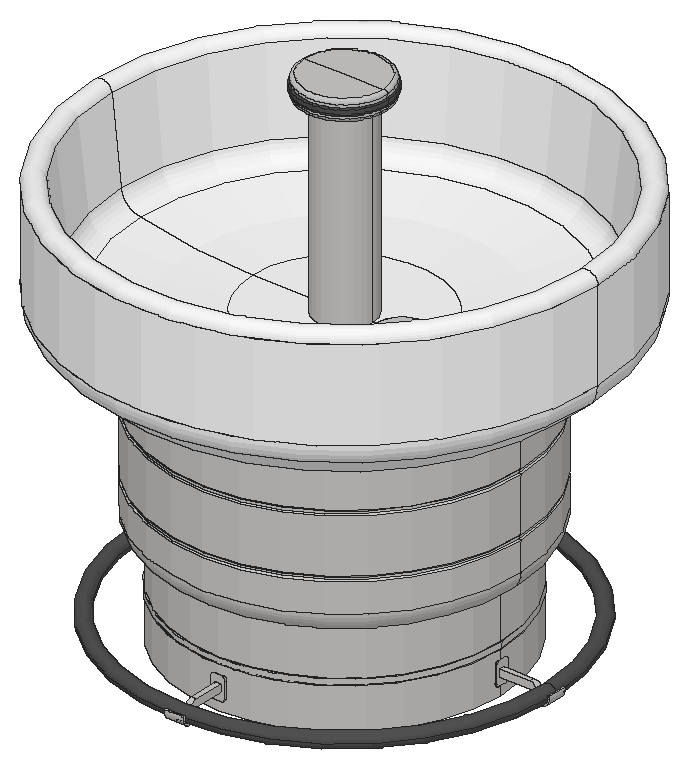
Revit family "Washfountain_Lavatory-Bradley_Corp-WF2605-Type_O_Drain", category Plumbing Fixtures, Revit 2012 (continued)
Lines and regions (in)
  reference lines
    curve 94: line (5.5, 3.25, 49.5) -> (-5.5, 3.25, 49.5)
    curve 95: line (-27, 0, 49.5) -> (-19, 0, 49.5)
    curve 128: line (-27, -27, 49.5) -> (-21, -27, 49.5)
    curve 129: line (-27, 27, 49.5) -> (-21, 27, 49.5)
    curve 140: line (0, 0, 49.5) -> (0, -3.5, 49.5)
    curve 156: line (0, 1.5, 39.125) -> (0, -1.75, 39.125)
    curve 157: line (-1.5, 0, 39.125) -> (1.5, 0, 39.125)
    curve 223: line (0, -10.91222, 49.5) -> (0, -15.41222, 49.5)
  symbolic lines, visible <- "Juvenile Height", detail levels fine
    curve 4: line (12.52869, 0, 15.79552) -> (-12.52869, 0, 15.79552)
    curve 5: line (12.4415, 0, 15.70832) -> (-12.4415, 0, 15.70832)
    curve 6: line (12.4415, 0, 15.58502) -> (-12.4415, 0, 15.58502)
    curve 7: line (12.52869, 0, 15.49783) -> (-12.52869, 0, 15.49783)
    curve 8: line (12.52869, 0, 12.49088) -> (-12.52869, 0, 12.49088)
    curve 9: line (12.4415, 0, 12.40369) -> (-12.4415, 0, 12.40369)
    curve 10: line (12.4415, 0, 12.28038) -> (-12.4415, 0, 12.28038)
    curve 11: line (12.52869, 0, 12.19319) -> (-12.52869, 0, 12.19319)
    curve 13: line (11.12583, 0, 6.953) -> (0.48842, 0, 6.953)
    curve 45: line (0, 12.52869, 11.59252) -> (0, -12.52869, 11.59252)
    curve 46: line (0, -12.4415, 11.50532) -> (0, 12.4415, 11.50532)
    curve 47: line (0, 12.4415, 11.38202) -> (0, -12.4415, 11.38202)
    curve 48: line (0, -12.52869, 11.29483) -> (0, 12.52869, 11.29483)
    curve 49: line (0, 12.52869, 8.28788) -> (0, -12.52869, 8.28788)
    curve 50: line (0, -12.4415, 8.20069) -> (0, 12.4415, 8.20069)
    curve 51: line (0, 12.4415, 8.07738) -> (0, -12.4415, 8.07738)
    curve 52: line (0, -12.52869, 7.99019) -> (0, 12.52869, 7.99019)
    curve 200: line (-11.12583, 0, 3.453) -> (11.12583, 0, 3.453)
    curve 201: line (11.16155, 0, 3.40649) -> (-11.16155, 0, 3.40649)
    curve 202: line (11.16155, 0, 2.99964) -> (-11.16155, 0, 2.99964)
    curve 203: line (-11.12583, 0, 2.953) -> (11.12583, 0, 2.953)
    curve 206: line (0, -11.12583, 3.45264) -> (0, 11.12583, 3.45264)
    curve 207: line (0, 11.16155, 3.40613) -> (0, -11.16155, 3.40613)
    curve 208: line (0, -11.16155, 2.99916) -> (0, 11.16155, 2.99916)
    curve 209: line (0, 11.12583, 2.95264) -> (0, -11.12586, 2.95264)
  symbolic lines, visible <- "Juvenile Height"
    curve 12: line (11.12583, 0, 9.39985) -> (-11.12583, 0, 9.39985)
    curve 53: line (0, 11.12583, 5.19685) -> (0, -11.12583, 5.19685)
  symbolic lines, visible <- "Standard Height", detail levels fine
    curve 15: line (12.52869, 0, 14.89269) -> (-12.52869, 0, 14.89269)
    curve 16: line (12.41821, 0, 14.78221) -> (-12.41821, 0, 14.78221)
    curve 17: line (12.41821, 0, 14.62596) -> (-12.41821, 0, 14.62596)
    curve 18: line (12.52869, 0, 14.51547) -> (-12.52869, 0, 14.51547)
    curve 19: line (12.52869, 0, 10.70519) -> (-12.52869, 0, 10.70519)
    curve 20: line (12.41821, 0, 10.59471) -> (-12.41821, 0, 10.59471)
    curve 21: line (12.41821, 0, 10.43846) -> (-12.41821, 0, 10.43846)
    curve 22: line (12.52869, 0, 10.32797) -> (-12.52869, 0, 10.32797)
    curve 24: line (11.12583, 0, 3.45312) -> (-11.12583, 0, 3.45312)
    curve 25: line (11.16155, 0, 3.40661) -> (-11.16155, 0, 3.40661)
    curve 26: line (11.16155, 0, 2.99964) -> (-11.16155, 0, 2.99964)
    curve 27: line (11.12583, 0, 2.95312) -> (-11.12583, 0, 2.95312)
    curve 29: line (0, 11.12583, 2.95312) -> (0, -11.12583, 2.95312)
    curve 30: line (0, -11.16155, 2.99964) -> (0, 11.16155, 2.99964)
    curve 31: line (0, 11.16155, 3.40661) -> (0, -11.16155, 3.40661)
    curve 32: line (0, -11.12583, 3.45312) -> (0, 11.12583, 3.45312)
    curve 34: line (0, -12.52869, 10.32797) -> (0, 12.52869, 10.32797)
    curve 35: line (0, 12.41821, 10.43846) -> (0, -12.41821, 10.43846)
    curve 36: line (0, -12.41821, 10.59471) -> (0, 12.41821, 10.59471)
    curve 37: line (0, 12.52869, 10.70519) -> (0, -12.52869, 10.70519)
    curve 38: line (0, -12.52869, 14.51547) -> (0, 12.52869, 14.51547)
    curve 39: line (0, 12.41821, 14.62596) -> (0, -12.41821, 14.62596)
    curve 40: line (0, -12.41821, 14.78221) -> (0, 12.41821, 14.78221)
    curve 41: line (0, 12.52869, 14.89269) -> (0, -12.52869, 14.89269)
  symbolic lines, visible <- "Standard Height"
    curve 23: line (11.12583, 0, 6.77084) -> (-11.12583, 0, 6.77084)
    curve 33: line (0, 11.12583, 6.77084) -> (0, -11.12583, 6.77084)
  symbolic lines, visible <- "Standard Height", detail levels medium
    curve 42: line (0, 12.41821, 14.70408) -> (0, -12.41821, 14.70408)
    curve 43: line (0, -12.41821, 10.51658) -> (0, 12.41821, 10.51658)
    curve 44: line (0, 11.16155, 3.20312) -> (0, -11.16155, 3.20312)
    curve 58: line (-12.41821, 0, 14.70394) -> (12.41855, 0, 14.70394)
    curve 59: line (12.41855, 0, 10.51644) -> (-12.41821, 0, 10.51644)
    curve 60: line (-11.16155, 0, 3.20312) -> (11.16155, 0, 3.20312)
  symbolic lines, visible <- "Juvenile Height", detail levels medium
    curve 54: line (0, 12.4415, 8.13904) -> (0, -12.4415, 8.13904)
    curve 55: line (0, -12.4415, 11.44367) -> (0, 12.4415, 11.44367)
    curve 56: line (-12.4415, 0, 12.34204) -> (12.4415, 0, 12.34204)
    curve 57: line (12.4415, 0, 15.64667) -> (-12.4415, 0, 15.64667)
    curve 204: line (-11.16155, 0, 3.20306) -> (11.16155, 0, 3.20306)
    curve 210: line (0, -11.16155, 3.20264) -> (0, 11.16155, 3.20264)
  symbolic lines, visible <- "Soap Dispenser", detail levels fine
    curve 62: line (-5.81, 0, 38.73265) -> (5.81, 0, 38.73265)
    curve 63: line (5.87777, 0, 39.98265) -> (-5.87777, 0, 39.98265)
    curve 64: line (-5.93039, 0, 41.23265) -> (5.93039, 0, 41.23265)
    curve 65: line (5.98301, 0, 42.48265) -> (-5.98301, 0, 42.48265)
    curve 67: line (6.13971, 0, 43.74971) -> (-6.13971, 0, 43.74971)
    curve 69: line (0, 5.80997, 38.73265) -> (0, -5.80997, 38.73265)
    curve 70: line (0, -5.87775, 39.98265) -> (0, 5.87775, 39.98265)
    curve 71: line (0, 5.93037, 41.23265) -> (0, -5.93037, 41.23265)
    curve 72: line (0, -5.98298, 42.48265) -> (0, 5.98298, 42.48265)
    curve 74: line (0, -6.13969, 43.74971) -> (0, 6.13969, 43.74971)
  symbolic lines, visible <- "Soap Dispenser", detail levels medium+fine
    curve 66: line (-6.13971, 0, 43.12453) -> (6.13971, 0, 43.12453)
    curve 73: line (0, 6.13969, 43.12453) -> (0, -6.13969, 43.12453)
    curve 170: circle (0, 0, 44.125) r 4.13984 normal (0, 0, 1)
  symbolic lines, detail levels medium
    curve 75: line (-3.12875, 0, 35.17952) -> (-3.035, 0, 35.17952)
    curve 77: line (3.035, 0, 35.17952) -> (3.12875, 0, 35.17952)
    curve 78: line (3.12875, 0, 34.67952) -> (3.035, 0, 34.67952)
    curve 80: line (-3.035, 0, 34.67952) -> (-3.12875, 0, 34.67952)
    curve 84: line (0, 3.12875, 35.17952) -> (0, 3.035, 35.17952)
    curve 86: line (0, -3.035, 35.17952) -> (0, -3.12875, 35.17952)
    curve 87: line (0, -3.12875, 34.67952) -> (0, -3.035, 34.67952)
    curve 89: line (0, 3.035, 34.67952) -> (0, 3.12875, 34.67952)
  symbolic lines, detail levels medium+fine
    curve 76: line (-3.035, 0, 35.17952) -> (3.035, 0, 35.17952)
    curve 79: line (3.035, 0, 34.67952) -> (-3.035, 0, 34.67952)
    curve 85: line (0, 3.035, 35.17952) -> (0, -3.035, 35.17952)
    curve 88: line (0, -3.035, 34.67952) -> (0, 3.035, 34.67952)
    curve 171: circle (0, 0, 35.625) r 2.785 normal (0, 0, 1)
    curve 172: circle (0, 0, 35.625) r 3.035 normal (0, 0, 1)
    curve 174: circle (0, 0, 29.25) r 14 normal (0, 0, 1)
    curve 213: circle (4, 0, 29.25) r 1.25 normal (0, 0, 1)
    curve 214: circle (4, 0, 29.25) r 0.1842 normal (0, 0, 1)
    curve 215: circle (4, 0.87771, 29.25) r 0.1842 normal (0, 0, 1)
    curve 216: circle (4.62063, 0.62063, 29.25) r 0.1842 normal (0, 0, 1)
    curve 217: circle (4.87771, 0, 29.25) r 0.1842 normal (0, 0, 1)
    curve 218: circle (4.62063, -0.62063, 29.25) r 0.1842 normal (0, 0, 1)
    curve 219: circle (4, -0.87771, 29.25) r 0.1842 normal (0, 0, 1)
    curve 220: circle (3.37937, -0.62063, 29.25) r 0.1842 normal (0, 0, 1)
    curve 221: circle (3.12229, 0, 29.25) r 0.1842 normal (0, 0, 1)
    curve 222: circle (3.37937, 0.62063, 29.25) r 0.1842 normal (0, 0, 1)
  symbolic lines
    curve 81: line (-2, 0, 34.23452) -> (2, 0, 34.23452)
    curve 90: line (0, 2, 34.23452) -> (0, -2, 34.23452)
    curve 173: circle (0, 0, 29.25) r 16 normal (0, 0, 1)
    curve 212: circle (4, 0, 29.25) r 1.75 normal (0, 0, 1)
  symbolic lines, visible <- "Soap Dispenser"
    curve 82: line (-2.095, 0, 38.125) -> (2.095, 0, 38.125)
    curve 91: line (0, 2.095, 38.125) -> (0, -2.095, 38.125)
  symbolic lines, visible <- "Towel Dispenser"
    curve 96: line (-0.06458, -27, 64.81283) -> (-0.06458, -27, 49.5)
    curve 97: line (0.06458, -27, 64.81283) -> (0.06458, -27, 49.5)
    curve 98: line (-9.02868, -27, 64.12533) -> (-3.52868, -27, 64.12533)
    curve 99: line (-0.06458, -27, 64.81283) -> (-3.52868, -27, 64.12533)
    curve 100: line (3.52868, -27, 64.12533) -> (0.06458, -27, 64.81283)
    curve 101: line (3.52868, -27, 64.12533) -> (9.02868, -27, 64.12533)
    curve 102: line (3.52868, -27, 50.875) -> (3.52868, -27, 64.12533)
    curve 103: line (-3.52868, -27, 64.12533) -> (-3.52868, -27, 50.875)
    curve 104: line (-3.52868, -27, 50.875) -> (-9.02868, -27, 50.875)
    curve 105: line (9.02868, -27, 50.875) -> (3.52868, -27, 50.875)
    curve 106: line (-3.52868, -27, 50.875) -> (-1.58013, -27, 49.5)
    curve 107: line (1.58013, -27, 49.5) -> (3.52868, -27, 50.875)
    curve 108: line (-2, -27, 49.5) -> (2, -27, 49.5)
    curve 109: line (-2, -27, 64.81283) -> (2, -27, 64.81283)
    curve 130: line (-5.56458, 27, 64.83333) -> (-5.56458, 27, 49.5)
    curve 131: line (5.56458, 27, 49.5) -> (5.56458, 27, 64.81283)
    curve 132: line (5.56458, 27, 64.12533) -> (-5.56458, 27, 64.12533)
    curve 133: line (-5.56458, 27, 50.875) -> (5.56458, 27, 50.875)
    curve 143: line (0, 2.26314, 49.5) -> (0, 1.13814, 50.875)
    curve 144: line (0, -8.38814, 50.875) -> (0, 1.13814, 50.875)
    curve 145: line (0, 1.13814, 50.875) -> (0, 1.13814, 64.12533)
    curve 146: line (0, 1.13814, 64.12533) -> (0, -8.38814, 64.12533)
    curve 147: line (0, 1.13814, 64.12533) -> (0, 3.13814, 64.81283)
    curve 148: line (0, 3.13814, 64.81283) -> (0, 3.13814, 49.5)
    curve 149: line (0, 3.25, 49.5) -> (0, 3.25, 64.81283)
    curve 154: line (0, 2, 64.81283) -> (0, -2, 64.81283)
    curve 155: line (0, 2, 49.5) -> (0, -2, 49.5)
    curve 164: line (-0.06458, -6.38814, 49.5) -> (-5.56458, 3.13814, 49.5)
    curve 165: line (-5.5, 3.25, 49.5) -> (5.5, 3.25, 49.5)
    curve 166: line (5.56458, 3.13814, 49.5) -> (0.06458, -6.38814, 49.5)
  model lines, visible <- "Towel Dispenser", detail levels fine
    curve 110: spline (3.52868, -8.38814, 50.875) -> (3.62239, -8.22584, 53.91612) -> (3.89711, -7.75, 56.75) -> (4.33414, -6.99305, 59.1835) -> (4.90368, -6.00657, 61.0508) -> (5.56693, -4.85779, 62.22463) -> (6.27868, -3.625, 62.625) -> (6.99044, -2.39221, 62.22463) -> (7.65368, -1.24343, 61.0508) -> (8.22323, -0.25695, 59.1835) -> (8.66025, 0.5, 56.75) -> (8.93498, 0.97584, 53.91612) -> (9.02868, 1.13814, 50.875)
    curve 111: spline (4.5072, -6.6933, 53.47656) -> (4.52666, -6.65959, 53.51064) -> (4.5448, -6.62818, 53.61054) -> (4.56037, -6.60121, 53.76946) -> (4.57232, -6.58051, 53.97656) -> (4.57983, -6.5675, 54.21774) -> (4.5824, -6.56306, 54.47656) -> (4.57983, -6.5675, 54.73538) -> (4.57232, -6.58051, 54.97656) -> (4.56037, -6.60121, 55.18367) -> (4.5448, -6.62818, 55.34259) -> (4.52666, -6.65959, 55.44249) -> (4.5072, -6.6933, 55.47656) -> (4.48774, -6.72701, 55.44249) -> (4.4696, -6.75842, 55.34259) -> (4.45403, -6.7854, 55.18367) -> (4.44208, -6.80609, 54.97656) -> (4.43457, -6.81911, 54.73538) -> (4.432, -6.82354, 54.47656) -> (4.43457, -6.81911, 54.21774) -> (4.44208, -6.80609, 53.97656) -> (4.45403, -6.7854, 53.76946) -> (4.4696, -6.75842, 53.61054) -> (4.48774, -6.72701, 53.51064) -> (4.5072, -6.6933, 53.47656)
    curve 112: spline (5.5, 7.25, 50.875) -> (5.31259, 7.25, 53.91612) -> (4.76314, 7.25, 56.75) -> (3.88909, 7.25, 59.1835) -> (2.75, 7.25, 61.0508) -> (1.4235, 7.25, 62.22463) -> (0, 7.25, 62.625) -> (-1.4235, 7.25, 62.22463) -> (-2.75, 7.25, 61.0508) -> (-3.88909, 7.25, 59.1835) -> (-4.76314, 7.25, 56.75) -> (-5.31259, 7.25, 53.91612) -> (-5.5, 7.25, 50.875)
    curve 113: spline (3.54297, 7.25, 53.47656) -> (3.50354, 7.25, 53.51064) -> (3.4668, 7.25, 53.61054) -> (3.43525, 7.25, 53.76946) -> (3.41104, 7.25, 53.97656) -> (3.39582, 7.25, 54.21774) -> (3.39062, 7.25, 54.47656) -> (3.39582, 7.25, 54.73538) -> (3.41104, 7.25, 54.97656) -> (3.43525, 7.25, 55.18367) -> (3.4668, 7.25, 55.34259) -> (3.50354, 7.25, 55.44249) -> (3.54297, 7.25, 55.47656) -> (3.5824, 7.25, 55.44249) -> (3.61914, 7.25, 55.34259) -> (3.65069, 7.25, 55.18367) -> (3.6749, 7.25, 54.97656) -> (3.69012, 7.25, 54.73538) -> (3.69531, 7.25, 54.47656) -> (3.69012, 7.25, 54.21774) -> (3.6749, 7.25, 53.97656) -> (3.65069, 7.25, 53.76946) -> (3.61914, 7.25, 53.61054) -> (3.5824, 7.25, 53.51064) -> (3.54297, 7.25, 53.47656)
    curve 114: spline (-9.02868, 1.13814, 50.875) -> (-8.93498, 0.97584, 53.91612) -> (-8.66025, 0.5, 56.75) -> (-8.22323, -0.25695, 59.1835) -> (-7.65368, -1.24343, 61.0508) -> (-6.99044, -2.39221, 62.22463) -> (-6.27868, -3.625, 62.625) -> (-5.56693, -4.85779, 62.22463) -> (-4.90368, -6.00657, 61.0508) -> (-4.33414, -6.99305, 59.1835) -> (-3.89711, -7.75, 56.75) -> (-3.62239, -8.22584, 53.91612) -> (-3.52868, -8.38814, 50.875)
    curve 115: spline (-8.05017, -0.5567, 53.47656) -> (-8.03045, -0.59085, 53.51064) -> (-8.01208, -0.62267, 53.61054) -> (-7.99631, -0.64999, 53.76946) -> (-7.9842, -0.67096, 53.97656) -> (-7.97659, -0.68414, 54.21774) -> (-7.974, -0.68863, 54.47656) -> (-7.97659, -0.68414, 54.73538) -> (-7.9842, -0.67096, 54.97656) -> (-7.99631, -0.64999, 55.18367) -> (-8.01208, -0.62267, 55.34259) -> (-8.03045, -0.59085, 55.44249) -> (-8.05017, -0.5567, 55.47656) -> (-8.06988, -0.52255, 55.44249) -> (-8.08825, -0.49073, 55.34259) -> (-8.10403, -0.46341, 55.18367) -> (-8.11614, -0.44244, 54.97656) -> (-8.12374, -0.42926, 54.73538) -> (-8.12634, -0.42477, 54.47656) -> (-8.12374, -0.42926, 54.21774) -> (-8.11614, -0.44244, 53.97656) -> (-8.10403, -0.46341, 53.76946) -> (-8.08825, -0.49073, 53.61054) -> (-8.06988, -0.52255, 53.51064) -> (-8.05017, -0.5567, 53.47656)
  symbolic lines, visible <- "Towel Dispenser", detail levels fine
    curve 116: spline (-9.02868, -27, 50.875) -> (-8.93498, -27, 53.91612) -> (-8.66025, -27, 56.75) -> (-8.22323, -27, 59.1835) -> (-7.65368, -27, 61.0508) -> (-6.99044, -27, 62.22463) -> (-6.27868, -27, 62.625) -> (-5.56693, -27, 62.22463) -> (-4.90368, -27, 61.0508) -> (-4.33414, -27, 59.1835) -> (-3.89711, -27, 56.75) -> (-3.62239, -27, 53.91612) -> (-3.52868, -27, 50.875)
    curve 117: spline (3.52868, -27, 50.875) -> (3.62239, -27, 53.91612) -> (3.89711, -27, 56.75) -> (4.33414, -27, 59.1835) -> (4.90368, -27, 61.0508) -> (5.56693, -27, 62.22463) -> (6.27868, -27, 62.625) -> (6.99044, -27, 62.22463) -> (7.65368, -27, 61.0508) -> (8.22323, -27, 59.1835) -> (8.66025, -27, 56.75) -> (8.93498, -27, 53.91612) -> (9.02868, -27, 50.875)
    curve 118: spline (-8.05017, -27, 53.47656) -> (-8.03045, -27, 53.51064) -> (-8.01208, -27, 53.61054) -> (-7.99631, -27, 53.76946) -> (-7.9842, -27, 53.97656) -> (-7.97659, -27, 54.21774) -> (-7.974, -27, 54.47656) -> (-7.97659, -27, 54.73538) -> (-7.9842, -27, 54.97656) -> (-7.99631, -27, 55.18367) -> (-8.01208, -27, 55.34259) -> (-8.03045, -27, 55.44249) -> (-8.05017, -27, 55.47656) -> (-8.06988, -27, 55.44249) -> (-8.08825, -27, 55.34259) -> (-8.10403, -27, 55.18367) -> (-8.11614, -27, 54.97656) -> (-8.12374, -27, 54.73538) -> (-8.12634, -27, 54.47656) -> (-8.12374, -27, 54.21774) -> (-8.11614, -27, 53.97656) -> (-8.10403, -27, 53.76946) -> (-8.08825, -27, 53.61054) -> (-8.06988, -27, 53.51064) -> (-8.05017, -27, 53.47656)
    curve 119: spline (4.5072, -27, 53.47656) -> (4.52666, -27, 53.51064) -> (4.5448, -27, 53.61054) -> (4.56037, -27, 53.76946) -> (4.57232, -27, 53.97656) -> (4.57983, -27, 54.21774) -> (4.5824, -27, 54.47656) -> (4.57983, -27, 54.73538) -> (4.57232, -27, 54.97656) -> (4.56037, -27, 55.18367) -> (4.5448, -27, 55.34259) -> (4.52666, -27, 55.44249) -> (4.5072, -27, 55.47656) -> (4.48774, -27, 55.44249) -> (4.4696, -27, 55.34259) -> (4.45403, -27, 55.18367) -> (4.44208, -27, 54.97656) -> (4.43457, -27, 54.73538) -> (4.432, -27, 54.47656) -> (4.43457, -27, 54.21774) -> (4.44208, -27, 53.97656) -> (4.45403, -27, 53.76946) -> (4.4696, -27, 53.61054) -> (4.48774, -27, 53.51064) -> (4.5072, -27, 53.47656)
    curve 134: spline (5.56458, 27, 50.875) -> (5.37497, 27, 53.91612) -> (4.81907, 27, 56.75) -> (3.93475, 27, 59.1835) -> (2.78229, 27, 61.0508) -> (1.44022, 27, 62.22463) -> (0, 27, 62.625) -> (-1.44022, 27, 62.22463) -> (-2.78229, 27, 61.0508) -> (-3.93475, 27, 59.1835) -> (-4.81907, 27, 56.75) -> (-5.37497, 27, 53.91612) -> (-5.56458, 27, 50.875)
    curve 139: spline (3.54297, 27, 53.47656) -> (3.50354, 27, 53.51064) -> (3.4668, 27, 53.61054) -> (3.43525, 27, 53.76946) -> (3.41104, 27, 53.97656) -> (3.39582, 27, 54.21774) -> (3.39062, 27, 54.47656) -> (3.39582, 27, 54.73538) -> (3.41104, 27, 54.97656) -> (3.43525, 27, 55.18367) -> (3.4668, 27, 55.34259) -> (3.50354, 27, 55.44249) -> (3.54297, 27, 55.47656) -> (3.5824, 27, 55.44249) -> (3.61914, 27, 55.34259) -> (3.65069, 27, 55.18367) -> (3.6749, 27, 54.97656) -> (3.69012, 27, 54.73538) -> (3.69531, 27, 54.47656) -> (3.69012, 27, 54.21774) -> (3.6749, 27, 53.97656) -> (3.65069, 27, 53.76946) -> (3.61914, 27, 53.61054) -> (3.5824, 27, 53.51064) -> (3.54297, 27, 53.47656)
    curve 141: spline (0, 1.13814, 50.875) -> (0, 0.97584, 53.91612) -> (0, 0.5, 56.75) -> (0, -0.25695, 59.1835) -> (0, -1.24343, 61.0508) -> (0, -2.39221, 62.22463) -> (0, -3.625, 62.625) -> (0, -4.85779, 62.22463) -> (0, -6.00657, 61.0508) -> (0, -6.99305, 59.1835) -> (0, -7.75, 56.75) -> (0, -8.22584, 53.91612) -> (0, -8.38814, 50.875)
    curve 142: spline (0, -0.5567, 53.47656) -> (0, -0.59085, 53.51064) -> (0, -0.62267, 53.61054) -> (0, -0.64999, 53.76946) -> (0, -0.67096, 53.97656) -> (0, -0.68414, 54.21774) -> (0, -0.68863, 54.47656) -> (0, -0.68414, 54.73538) -> (0, -0.67096, 54.97656) -> (0, -0.64999, 55.18367) -> (0, -0.62267, 55.34259) -> (0, -0.59085, 55.44249) -> (0, -0.5567, 55.47656) -> (0, -0.52255, 55.44249) -> (0, -0.49073, 55.34259) -> (0, -0.46341, 55.18367) -> (0, -0.44244, 54.97656) -> (0, -0.42926, 54.73538) -> (0, -0.42477, 54.47656) -> (0, -0.42926, 54.21774) -> (0, -0.44244, 53.97656) -> (0, -0.46341, 53.76946) -> (0, -0.49073, 53.61054) -> (0, -0.52255, 53.51064) -> (0, -0.5567, 53.47656)
  symbolic lines, visible <- "Towel Dispenser", detail levels medium+fine
    curve 120: line (-7.85863, -27, 50.57859) -> (-3.85863, -27, 50.57859)
    curve 121: spline (-3.85863, -27, 50.57859) -> (-3.74269, -27, 50.56526) -> (-3.59688, -27, 50.52619) -> (-3.43114, -27, 50.46404) -> (-3.25676, -27, 50.38304) -> (-3.08563, -27, 50.28872) -> (-2.92941, -27, 50.1875) -> (-2.79874, -27, 50.08628) -> (-2.70253, -27, 49.99196) -> (-2.64735, -27, 49.91096) -> (-2.63693, -27, 49.84881) -> (-2.67201, -27, 49.80974) -> (-2.75018, -27, 49.79641)
    curve 122: line (-2.75018, -27, 49.79641) -> (-6.75018, -27, 49.79641)
    curve 123: spline (-6.75018, -27, 49.79641) -> (-6.86612, -27, 49.80974) -> (-7.01193, -27, 49.84881) -> (-7.17768, -27, 49.91096) -> (-7.35205, -27, 49.99196) -> (-7.52318, -27, 50.08628) -> (-7.67941, -27, 50.1875) -> (-7.81007, -27, 50.28872) -> (-7.90628, -27, 50.38304) -> (-7.96147, -27, 50.46404) -> (-7.97188, -27, 50.52619) -> (-7.9368, -27, 50.56526) -> (-7.85863, -27, 50.57859)
    curve 124: line (3.85863, -27, 50.57859) -> (7.85863, -27, 50.57859)
    curve 125: spline (7.85863, -27, 50.57859) -> (7.9368, -27, 50.56526) -> (7.97188, -27, 50.52619) -> (7.96147, -27, 50.46404) -> (7.90628, -27, 50.38304) -> (7.81007, -27, 50.28872) -> (7.67941, -27, 50.1875) -> (7.52318, -27, 50.08628) -> (7.35205, -27, 49.99196) -> (7.17768, -27, 49.91096) -> (7.01193, -27, 49.84881) -> (6.86612, -27, 49.80974) -> (6.75018, -27, 49.79641)
    curve 126: line (6.75018, -27, 49.79641) -> (2.75018, -27, 49.79641)
    curve 127: spline (2.75018, -27, 49.79641) -> (2.67201, -27, 49.80974) -> (2.63693, -27, 49.84881) -> (2.64735, -27, 49.91096) -> (2.70253, -27, 49.99196) -> (2.79874, -27, 50.08628) -> (2.92941, -27, 50.1875) -> (3.08563, -27, 50.28872) -> (3.25676, -27, 50.38304) -> (3.43114, -27, 50.46404) -> (3.59688, -27, 50.52619) -> (3.74269, -27, 50.56526) -> (3.85863, -27, 50.57859)
    curve 135: line (4, 27, 50.57859) -> (-4, 27, 50.57859)
    curve 136: spline (-4, 27, 50.57859) -> (-4.19411, 27, 50.56526) -> (-4.375, 27, 50.52619) -> (-4.53033, 27, 50.46404) -> (-4.64952, 27, 50.38304) -> (-4.72444, 27, 50.28872) -> (-4.75, 27, 50.1875) -> (-4.72444, 27, 50.08628) -> (-4.64952, 27, 49.99196) -> (-4.53033, 27, 49.91096) -> (-4.375, 27, 49.84881) -> (-4.19411, 27, 49.80974) -> (-4, 27, 49.79641)
    curve 137: line (-4, 27, 49.79641) -> (4, 27, 49.79641)
    curve 138: spline (4, 27, 49.79641) -> (4.19411, 27, 49.80974) -> (4.375, 27, 49.84881) -> (4.53033, 27, 49.91096) -> (4.64952, 27, 49.99196) -> (4.72444, 27, 50.08628) -> (4.75, 27, 50.1875) -> (4.72444, 27, 50.28872) -> (4.64952, 27, 50.38304) -> (4.53033, 27, 50.46404) -> (4.375, 27, 50.52619) -> (4.19411, 27, 50.56526) -> (4, 27, 50.57859)
    curve 150: line (0, -6.84658, 50.57859) -> (0, 0.08162, 50.57859)
    curve 151: spline (0, 0.08162, 50.57859) -> (0, 0.26063, 50.56526) -> (0, 0.44925, 50.52619) -> (0, 0.63462, 50.46404) -> (0, 0.80411, 50.38304) -> (0, 0.94617, 50.28872) -> (0, 1.05112, 50.1875) -> (0, 1.11181, 50.08628) -> (0, 1.12409, 49.99196) -> (0, 1.08714, 49.91096) -> (0, 1.00347, 49.84881) -> (0, 0.87879, 49.80974) -> (0, 0.72158, 49.79641)
    curve 152: line (0, 0.72158, 49.79641) -> (0, -6.20662, 49.79641)
    curve 153: spline (0, -6.20662, 49.79641) -> (0, -6.38563, 49.80974) -> (0, -6.57425, 49.84881) -> (0, -6.75962, 49.91096) -> (0, -6.92911, 49.99196) -> (0, -7.07117, 50.08628) -> (0, -7.17612, 50.1875) -> (0, -7.23681, 50.28872) -> (0, -7.24909, 50.38304) -> (0, -7.21214, 50.46404) -> (0, -7.12847, 50.52619) -> (0, -7.00379, 50.56526) -> (0, -6.84658, 50.57859)
    curve 167: line (-5.5, 5, 49.5) -> (5.5, 5, 49.5)
    curve 168: line (-1.58013, -7.26314, 49.5) -> (-7.08013, 2.26314, 49.5)
    curve 169: line (7.08013, 2.26314, 49.5) -> (1.58013, -7.26314, 49.5)
  symbolic lines, visible <- "Sensor Module", detail levels medium
    curve 158: line (0, 4.57537, 37.11012) -> (0, -4.57537, 37.11012)
    curve 161: line (4.57537, 0, 37.11012) -> (-4.57537, 0, 37.11012)
  symbolic lines, visible <- "Sensor Module", detail levels fine
    curve 159: line (0, 4.49987, 38.55959) -> (0, -4.49987, 38.55959)
    curve 160: line (-4.49987, 0, 38.55959) -> (4.49987, 0, 38.55959)
  symbolic lines, visible <- "Sensor Module"
    curve 162: line (-2, 0, 36.28462) -> (2, 0, 36.28462)
    curve 163: line (0, 2, 36.28462) -> (0, -2, 36.28462)
  model lines, not visible
    curve 175: circle (0, 0, 0) r 14.513 normal (0, 0, 1)
  sketch lines
    curve 176: circle (0, 0, 0) r 14.513 normal (0, 0, 1)
  symbolic lines, visible <- "Foot Control Valve", detail levels fine
    curve 177: arc (-14.513, 0, 0.925) -> (-14.90955, 0, 1.12046) -> (-14.99607, 0, 1.55401) r 0.5
    curve 178: line (-13.81522, 0, 0.925) -> (-14.513, 0, 0.925)
    curve 179: line (-0.50316, 0, 1.925) -> (0.50316, 0, 1.925)
    curve 180: line (-0.46318, 0, 0.825) -> (0.46318, 0, 0.825)
    curve 181: line (-0.67078, 0, 0.925) -> (-0.67078, 0, 1.61691)
    curve 182: line (-0.67078, 0, 1.61691) -> (0.67078, 0, 1.61691)
    curve 183: line (0.67078, 0, 1.61691) -> (0.67078, 0, 0.925)
    curve 184: arc (0, 14.513, 0.825) -> (0, 14.04562, 1.04876) -> (0, 13.92685, 1.55315) r 0.6
    curve 185: arc (0, 13.92685, 1.55315) -> (0, 13.98637, 1.59132) -> (0, 14.02454, 1.53179) r 0.05
    curve 186: arc (0, 14.513, 1.925) -> (0, 14.20846, 1.02845) -> (0, 14.99607, 1.55401) r 0.5
    curve 187: line (0, 13.81522, 0.925) -> (0, 14.18134, 0.925)
    curve 188: arc (0, -14.513, 0.825) -> (0, -14.04562, 1.04876) -> (0, -13.92685, 1.55315) r 0.6
    curve 189: arc (0, -13.92685, 1.55315) -> (0, -13.98637, 1.59132) -> (0, -14.02454, 1.53179) r 0.05
    curve 190: arc (0, -14.513, 1.925) -> (0, -14.20846, 1.02845) -> (0, -14.99607, 1.55401) r 0.5
    curve 191: line (0, -13.81522, 0.925) -> (0, -14.18134, 0.925)
    curve 192: line (0, 0.67078, 0.925) -> (0, 0.67078, 1.61691)
    curve 193: line (0, 0.67078, 1.61691) -> (0, -0.67078, 1.61691)
    curve 194: line (0, -0.67078, 1.61691) -> (0, -0.67078, 0.925)
    curve 195: line (0, 0.50316, 1.925) -> (0, -0.50316, 1.925)
    curve 196: line (0, 0.46318, 0.825) -> (0, -0.46318, 0.825)
    curve 197: arc (14.513, 0, 0.925) -> (14.90955, 0, 1.12046) -> (14.99607, 0, 1.55401) r 0.5
    curve 198: line (13.81522, 0, 0.925) -> (14.513, 0, 0.925)
    curve 199: arc (14.513, 0, 0.825) -> (14.33979, 0, 0.85054) -> (14.18134, 0, 0.925) r 0.6
    curve 205: arc (-14.513, 0, 0.825) -> (-14.33979, 0, 0.85054) -> (-14.18134, 0, 0.925) r 0.6
  model lines, detail levels medium+fine
    curve 211: circle (4, 0, 20.59297) r 1.25 normal (0, 0, 1)
Dimensions and locks (in)
  "Towel Dispenser Height": plane 4 "Towel Dispenser" to plane 2
  "Soap Dispenser Height": plane 5 "Soap Dispenser" to plane 2
  "Spray Head Height": plane 6 "Spray Head" to plane 2
  "Rim Height": plane 7 "Rim Height" to plane 2
  "Pedestal Height": plane 8 "Pedestal Height" to plane 2
  locked: plane 5 "Soap Dispenser" to Masking region 10 sketch curve at 6
  locked: curve 93 to Extrusion 9 sketch curve at 15.31283
  locked: curve 93 to Extrusion 9 sketch curve at 15.16247
  locked: curve 93 to Extrusion 9 sketch curve at 4
  locked: curve 92 to Extrusion 8 sketch curve at 15.31283
  locked: curve 92 to Extrusion 8 sketch curve at 15.16247
  locked: Extrusion 8 sketch curve to curve 92 at 4
  locked: curve 94 to Extrusion 7 sketch curve at 15.31283
  locked: curve 94 to Extrusion 7 sketch curve at 15.16247
  locked: curve 94 to Extrusion 7 sketch curve at 4
  locked: Extrusion 6 to Extrusion 8 at 1
  "Towel Dispenser Holder": plane 4 "Towel Dispenser" to Masking region 18
  "Towel Dispenser Holder": plane 4 "Towel Dispenser" to Masking region 19
  locked: plane 6 "Spray Head" to Revolve 4 sketch curve at 1.39048
  locked: plane 6 "Spray Head" to Revolve 13 sketch curve at 1.39048
  locked: plane 5 "Soap Dispenser" to Revolve 5 sketch curve at 6
  locked: plane 5 "Soap Dispenser" to Masking region 11 sketch curve at 6
  "Sensor Module Height": plane 9 "Sensor Module" to plane 2
  locked: plane 9 "Sensor Module" to Revolve 15 sketch curve at 2.84038
  locked: plane 9 "Sensor Module" to Revolve 14 sketch curve at 2.84038
  locked: plane 9 "Sensor Module" to Masking region 21 sketch curve at 2.84038  (x2)
  locked: plane 9 "Sensor Module" to Masking region 22 sketch curve at 2.84038  (x2)
  locked: plane 5 "Soap Dispenser" to Masking region 13 sketch curve at 6
  locked: plane 5 "Soap Dispenser" to Masking region 14 sketch curve at 6
  locked: plane 9 "Sensor Module" to Masking region 23 sketch curve at 2.84038  (x2)
  locked: plane 9 "Sensor Module" to Masking region 24 sketch curve at 2.84038  (x2)
  "Towel Dispenser Holder": plane 4 "Towel Dispenser" to Extrusion 6
  locked: plane 5 "Soap Dispenser" to plane 10 at 6
  "Soap Dispenser Holder": plane 10 to Masking region 25
  "Soap Dispenser Holder": plane 10 to Extrusion 16
  "Soap Dispenser Holder": Masking region 26 to plane 10
  equal spacing: plane 14, plane 1 "Center (Front/Back)", plane 13
  "Width": plane 14 to plane 13
  equal spacing: plane 11, plane 3 "Center (Left/Right)", plane 12
  "Width": plane 11 to plane 12
  "Supply Height": Extrusion 36 to plane 2
  locked: Extrusion 37 to plane 2 at 2.99998
  locked: plane 5 "Soap Dispenser" to Revolve 12 sketch curve at 1.00047
  locked: plane 5 "Soap Dispenser" to Revolve 38 sketch curve at 1.00047
  locked: Extrusion 9 sketch curve to Extrusion 9 sketch curve at 1.375
  locked: Extrusion 8 sketch curve to Extrusion 8 sketch curve at 1.375
  locked: Extrusion 7 sketch curve to Extrusion 7 sketch curve at 1.375
  locked: Masking region 19 sketch curve to plane 4 "Towel Dispenser" at 15.31283
  Masking region 19 sketch curve to Masking region 19 sketch curve to plane 4 "Towel Dispenser" = 0.6875" locked, 14.62533" locked
  Masking region 18 sketch curve to Masking region 18 sketch curve to Masking region 18 sketch curve to plane 4 "Towel Dispenser" = 0.6875" locked, 13.25033" locked, 1.375" locked  (x2)
  locked: Masking region 18 sketch curve to plane 4 "Towel Dispenser" at 16.31283
  locked: plane 9 "Sensor Module" to Extrusion 39 sketch curve at 1.3649
  locked: plane 9 "Sensor Module" to Extrusion 40 sketch curve at 1.3649
  locked: plane 9 "Sensor Module" to Extrusion 41 sketch curve at 1.3649
  locked: plane 9 "Sensor Module" to Extrusion 42 sketch curve at 1.3649
  Extrusion 36 sketch curve to plane 3 "Center (Left/Right)" to Extrusion 36 sketch curve = 0.875" locked, 0.875" locked
  locked: plane 1 "Center (Front/Back)" to Extrusion 36 sketch curve at 1.25  (x2)
  locked: plane 3 "Center (Left/Right)" to Extrusion 37 sketch curve at 4
  "Drain Radius": radius of Extrusion 37 sketch curve
  "Hot Lavatory Inlet Radius": radius of Extrusion 36 sketch curve
  "Cold Lavatory Inlet Radius": radius of Extrusion 36 sketch curve
  aligned and locked: plane 7 "Rim Height" to curve 1
  aligned and locked: curve 2 to plane 5 "Soap Dispenser"
  aligned and locked: plane 3 "Center (Left/Right)" to Revolve 1 sketch curve
  aligned and locked: Revolve 2 sketch curve to plane 3 "Center (Left/Right)"
  aligned and locked: Revolve 3 sketch curve to plane 3 "Center (Left/Right)"
  aligned and locked: curve 3 to plane 6 "Spray Head"
  aligned and locked: Revolve 4 sketch curve to plane 3 "Center (Left/Right)"
  aligned and locked: Revolve 5 sketch curve to plane 3 "Center (Left/Right)"
  aligned and locked: Revolve 10 sketch curve to plane 3 "Center (Left/Right)"
  aligned and locked: curve 8 to Revolve 1
  aligned and locked: curve 9 to Revolve 1
  aligned and locked: curve 10 to Revolve 1
  aligned and locked: curve 11 to Revolve 1
  aligned and locked: Revolve 1 to curve 4
  aligned and locked: Revolve 1 to curve 5
  aligned and locked: Revolve 1 to curve 6
  aligned and locked: Revolve 1 to curve 7
  aligned and locked: curve 12 to Revolve 1
  aligned and locked: curve 13 to Revolve 1
  aligned and locked: Revolve 11 sketch curve to plane 3 "Center (Left/Right)"
  aligned and locked: Revolve 12 sketch curve to plane 3 "Center (Left/Right)"
  aligned and locked: Masking region 10 sketch curve to plane 5 "Soap Dispenser"
  aligned and locked: Revolve 13 sketch curve to plane 3 "Center (Left/Right)"
  aligned and locked: Masking region 15 to plane 7 "Rim Height"
  aligned and locked: plane 7 "Rim Height" to Masking region 16
  aligned and locked: Masking region 17 to plane 7 "Rim Height"
  aligned and locked: plane 7 "Rim Height" to Masking region 20 sketch curve
  aligned and locked: Revolve 4 sketch curve to plane 8 "Pedestal Height"
  aligned and locked: Revolve 13 sketch curve to plane 8 "Pedestal Height"
  aligned and locked: Revolve 14 sketch curve to plane 3 "Center (Left/Right)"
  aligned and locked: Revolve 15 sketch curve to plane 3 "Center (Left/Right)"
  aligned and locked: Revolve 14 sketch curve to plane 6 "Spray Head"
  aligned and locked: Revolve 15 sketch curve to plane 6 "Spray Head"
  aligned and locked: Masking region 22 sketch curve to plane 6 "Spray Head"
  aligned and locked: Masking region 21 sketch curve to plane 6 "Spray Head"
  aligned and locked: plane 10 to Masking region 25 sketch curve
  aligned and locked: Extrusion 16 to plane 10
  aligned and locked: plane 10 to Masking region 26 sketch curve
  aligned and locked: Masking region 24 sketch curve to plane 6 "Spray Head"
  aligned and locked: Masking region 23 sketch curve to plane 6 "Spray Head"
  aligned and locked: Revolve 17 sketch curve to plane 3 "Center (Left/Right)"
  aligned and locked: Extrusion 34 to plane 8 "Pedestal Height"
  aligned and locked: plane 7 "Rim Height" to Extrusion 34
  aligned and locked: curve 223 to plane 4 "Towel Dispenser"
  aligned and locked: Extrusion 36 to plane 2
  aligned and locked: plane 1 "Center (Front/Back)" to Extrusion 37 sketch curve
  aligned and locked: Extrusion 37 to plane 2
  aligned and locked: Revolve 10 sketch curve to plane 8 "Pedestal Height"
  aligned and locked: Revolve 2 sketch curve to plane 8 "Pedestal Height"
  aligned and locked: Revolve 12 sketch curve to plane 10
  aligned and locked: Revolve 38 sketch curve to plane 3 "Center (Left/Right)"
  aligned and locked: Revolve 38 sketch curve to plane 5 "Soap Dispenser"
  aligned and locked: Masking region 24 sketch curve to plane 9 "Sensor Module"
  aligned and locked: Masking region 2 sketch curve to plane 8 "Pedestal Height"
  aligned and locked: Masking region 1 sketch curve to plane 8 "Pedestal Height"
  aligned and locked: plane 8 "Pedestal Height" to Masking region 8 sketch curve
  aligned and locked: plane 3 "Center (Left/Right)" to Extrusion 39 sketch curve
  aligned and locked: plane 3 "Center (Left/Right)" to Extrusion 40 sketch curve
  aligned and locked: plane 3 "Center (Left/Right)" to Extrusion 41 sketch curve
  aligned and locked: plane 3 "Center (Left/Right)" to Extrusion 42 sketch curve
  aligned and locked: Extrusion 40 to Masking region 24
  aligned and locked: Extrusion 39 to Masking region 24
  aligned and locked: Masking region 24 to Extrusion 42
  aligned and locked: Extrusion 42 to Masking region 23
  aligned and locked: Extrusion 41 to Masking region 23
  aligned and locked: Masking region 24 to Extrusion 41
  aligned and locked: Extrusion 40 to Masking region 38 sketch curve
  aligned and locked: Masking region 38 sketch curve to Extrusion 40
  aligned and locked: Masking region 38 sketch curve to Extrusion 39  (x2)
  aligned and locked: Masking region 39 to Extrusion 40
  aligned and locked: Masking region 39 to Masking region 23  (x2)
  aligned and locked: Masking region 39 to Extrusion 39
Automatic sketch dimensions
  plane 11 to curve 11 = 5.47131"
  curve 4 to curve 11 = 0.000"
  curve 7 to curve 4 = 0.000"
  curve 8 to curve 11 = 0.000"
  curve 4 to curve 5 = 0.08719"
  curve 57 to curve 5 = 0.000"  (x2)
  curve 11 to curve 10 = 0.08719"
  curve 8 to curve 9 = 0.08719"
  curve 6 to curve 57 = 0.000"  (x2)
  curve 56 to curve 10 = 0.000"
  curve 13 to plane 12 = 6.87417"
  curve 5 to plane 12 = 5.5585"
  curve 9 to curve 57 = 0.000"
  curve 56 to curve 9 = 0.000"
  curve 10 to curve 56 = 0.000"
  curve 9 to curve 8 = 0.08719"
  curve 10 to curve 11 = 0.08719"
  curve 5 to curve 4 = 0.08719"
  curve 6 to curve 7 = 0.08719"
  curve 10 to curve 56 = 0.06165"
  curve 57 to curve 5 = 0.06165"
  curve 175 to plane 1 "Center (Front/Back)" = 0.000"
  curve 175 to plane 3 "Center (Left/Right)" = 0.000"
  curve 1 to plane 11 = 9.000"
  curve 1 to curve 1 = 2.86256"
  curve 3 to curve 1 = 0.000"  (x2)
  curve 2 to curve 1 = 0.000"
  curve 2 to curve 1 = 6.000"
  Revolve 3 sketch curve to Revolve 3 sketch curve = 0.000"  (x2)
  curve 14 to Revolve 3 sketch curve = 7.97131"
  curve 14 to Revolve 3 sketch curve = 7.87417"
  Revolve 3 sketch curve to Revolve 3 sketch curve = 0.09714"
  Revolve 3 sketch curve to Revolve 3 sketch curve = 0.03572"
  Revolve 3 sketch curve to Revolve 3 sketch curve = 1.38951"
  Revolve 3 sketch curve to Revolve 3 sketch curve = 0.11049"  (x7)
  curve 14 to Revolve 3 sketch curve = 0.00013"
  Revolve 3 sketch curve to Revolve 3 sketch curve = 4.10718"
  Revolve 3 sketch curve to Revolve 3 sketch curve = 0.15625"  (x2)
  Revolve 3 sketch curve to Revolve 3 sketch curve = 3.81028"
  Revolve 3 sketch curve to Revolve 3 sketch curve = 2.0604"
  Revolve 3 sketch curve to Revolve 3 sketch curve = 3.31771"
  Revolve 3 sketch curve to Revolve 3 sketch curve = 0.04651"  (x2)
  Revolve 3 sketch curve to Revolve 3 sketch curve = 0.40697"
  Revolve 3 sketch curve to Revolve 3 sketch curve = 2.953"
  Revolve 3 sketch curve to Revolve 3 sketch curve = 3.64346"
  Revolve 3 sketch curve to curve 14 = 7.85616"
  Revolve 4 sketch curve to plane 3 "Center (Left/Right)" = 0.000"
  Revolve 4 sketch curve to plane 3 "Center (Left/Right)" = 2.000"
  Revolve 4 sketch curve to Revolve 4 sketch curve = 0.785"
  Revolve 4 sketch curve to plane 6 "Spray Head" = 0.00048"
  Revolve 4 sketch curve to Revolve 4 sketch curve = 0.000"
  Revolve 4 sketch curve to Revolve 4 sketch curve = 0.250"  (x2)
  Revolve 4 sketch curve to Revolve 4 sketch curve = 0.09375"
  Revolve 4 sketch curve to Revolve 4 sketch curve = 1.83812"
  Revolve 4 sketch curve to Revolve 4 sketch curve = 0.195"
  Revolve 4 sketch curve to Revolve 4 sketch curve = 0.28875"
  plane 6 "Spray Head" to Revolve 4 sketch curve = 1.27178"
  Revolve 5 sketch curve to curve 2 = 0.00086"
  Revolve 5 sketch curve to Revolve 5 sketch curve = 0.000"
  Revolve 5 sketch curve to Revolve 5 sketch curve = 3.76826"
  Revolve 5 sketch curve to Revolve 5 sketch curve = 4.13984"
  Revolve 5 sketch curve to Revolve 5 sketch curve = 2.04174"
  Revolve 5 sketch curve to Revolve 5 sketch curve = 0.06777"
  Revolve 5 sketch curve to Revolve 5 sketch curve = 0.05262"  (x2)
  Revolve 5 sketch curve to Revolve 5 sketch curve = 0.03107"
  curve 2 to Revolve 5 sketch curve = 0.37529"
  Revolve 5 sketch curve to Revolve 5 sketch curve = 0.12563"
  Revolve 5 sketch curve to Revolve 5 sketch curve = 4.31523"
  Revolve 5 sketch curve to Revolve 5 sketch curve = 0.24765"
  Revolve 5 sketch curve to Revolve 5 sketch curve = 0.60765"
  Revolve 5 sketch curve to Revolve 5 sketch curve = 1.250"  (x3)
  Revolve 5 sketch curve to Revolve 5 sketch curve = 0.62518"
  Revolve 5 sketch curve to Revolve 5 sketch curve = 3.45483"
  Extrusion 6 sketch curve to plane 1 "Center (Front/Back)" = 0.000"
  Extrusion 6 sketch curve to plane 3 "Center (Left/Right)" = 0.000"
  Revolve 11 sketch curve to curve 14 = 0.000"
  Revolve 11 sketch curve to Revolve 11 sketch curve = 0.000"
  curve 14 to Revolve 11 sketch curve = 7.87417"
  Revolve 11 sketch curve to Revolve 11 sketch curve = 1.40286"
  Revolve 11 sketch curve to curve 14 = 9.60015"
  Revolve 11 sketch curve to Revolve 11 sketch curve = 5.39985"
  Revolve 11 sketch curve to Revolve 11 sketch curve = 6.67602"
  Revolve 11 sketch curve to curve 14 = 4.32398"
  Masking region 3 sketch curve to curve 14 = 0.000"
  curve 14 to Masking region 3 sketch curve = 6.47131"
  Masking region 3 sketch curve to Masking region 3 sketch curve = 0.000"  (x3)
  Masking region 3 sketch curve to Masking region 3 sketch curve = 0.11049"  (x12)
  Masking region 3 sketch curve to Masking region 3 sketch curve = 1.36714"
  Masking region 3 sketch curve to Masking region 3 sketch curve = 1.40286"
  Masking region 3 sketch curve to Masking region 3 sketch curve = 0.03572"  (x2)
  Masking region 3 sketch curve to Masking region 3 sketch curve = 0.09714"
  curve 14 to Masking region 3 sketch curve = 10.73245"
  Masking region 3 sketch curve to Masking region 3 sketch curve = 22.05773"
  Masking region 3 sketch curve to Masking region 3 sketch curve = 0.09679"  (x2)
  curve 14 to Masking region 3 sketch curve = 8.56169"
  Masking region 3 sketch curve to Masking region 3 sketch curve = 1.38951"
  Masking region 3 sketch curve to Masking region 3 sketch curve = 1.500"
  curve 14 to Masking region 3 sketch curve = 4.10745"
  Masking region 3 sketch curve to curve 14 = 15.54688"
  Masking region 3 sketch curve to Masking region 3 sketch curve = 3.31755"
  Masking region 3 sketch curve to Masking region 3 sketch curve = 0.04651"  (x4)
  Masking region 3 sketch curve to Masking region 3 sketch curve = 0.40697"  (x2)
  Masking region 3 sketch curve to Masking region 3 sketch curve = 2.95312"
  Masking region 3 sketch curve to Masking region 3 sketch curve = 3.31757"
  Masking region 3 sketch curve to Masking region 3 sketch curve = 2.06028"
  Masking region 3 sketch curve to Masking region 3 sketch curve = 0.15625"  (x3)
  Masking region 3 sketch curve to Masking region 3 sketch curve = 0.37722"
  Masking region 3 sketch curve to Masking region 3 sketch curve = 3.81028"
  curve 28 to plane 1 "Center (Front/Back)" = 0.000"
  curve 28 to plane 3 "Center (Left/Right)" = 0.000"
  curve 14 to plane 1 "Center (Front/Back)" = 0.000"
  curve 14 to plane 11 = 1.000"
  curve 14 to curve 14 = 8.000"
  plane 1 "Center (Front/Back)" to curve 28 = 7.000"
  curve 14 to curve 15 = 6.47131"
  curve 19 to curve 15 = 0.000"
  curve 18 to curve 15 = 0.000"
  curve 22 to curve 19 = 0.000"
  curve 18 to curve 17 = 0.11049"  (x2)
  curve 58 to curve 17 = 0.000"
  curve 22 to curve 59 = 0.11049"
  curve 16 to curve 58 = 0.000"
  curve 20 to curve 59 = 0.000"
  curve 21 to curve 59 = 0.000"
  curve 22 to curve 60 = 1.36714"
  curve 25 to curve 60 = 0.000"
  curve 26 to curve 60 = 0.000"
  curve 25 to curve 24 = 0.03572"
  curve 26 to curve 27 = 0.03572"
  curve 23 to curve 24 = 0.000"  (x2)
  curve 24 to curve 24 = 22.25166"
  curve 27 to curve 24 = 0.000"
  curve 24 to curve 25 = 0.03572"
  curve 27 to curve 26 = 0.03572"
  curve 60 to curve 25 = 0.000"
  curve 23 to curve 21 = 1.29238"
  curve 20 to curve 21 = 0.000"
  curve 17 to curve 20 = 0.000"
  curve 16 to curve 17 = 0.000"
  curve 17 to curve 58 = 0.00035"
  curve 21 to curve 59 = 0.00035"
  curve 20 to curve 19 = 0.11049"  (x2)
  curve 17 to curve 18 = 0.11049"
  curve 21 to curve 22 = 0.11049"
  curve 16 to curve 15 = 0.11049"  (x2)
  curve 27 to curve 14 = 16.04688"
  curve 27 to curve 26 = 0.04651"
  curve 26 to curve 60 = 0.20349"
  curve 60 to curve 25 = 0.20349"
  curve 25 to curve 24 = 0.04651"
  curve 24 to curve 23 = 3.31771"
  curve 23 to curve 22 = 3.55713"
  curve 22 to curve 21 = 0.11049"
  curve 21 to curve 59 = 0.07798"
  curve 59 to curve 20 = 0.07827"
  curve 19 to curve 18 = 3.81028"
  curve 17 to curve 58 = 0.07798"
  curve 58 to curve 16 = 0.07827"
  Masking region 4 sketch curve to curve 28 = 0.000"
  Masking region 4 sketch curve to curve 28 = 12.52869"
  Masking region 4 sketch curve to Masking region 4 sketch curve = 1.40286"
  curve 28 to Masking region 4 sketch curve = 4.12583"
  curve 28 to Masking region 4 sketch curve = 5.52869"
  Masking region 4 sketch curve to curve 28 = 12.22916"
  curve 28 to Masking region 4 sketch curve = 12.22916"
  Masking region 4 sketch curve to Masking region 4 sketch curve = 6.77084"
  Masking region 5 sketch curve to curve 28 = 0.000"
  curve 28 to Masking region 5 sketch curve = 4.10731"
  Masking region 5 sketch curve to curve 28 = 12.52869"
  Masking region 5 sketch curve to Masking region 5 sketch curve = 0.000"  (x4)
  curve 28 to Masking region 5 sketch curve = 4.48453"  (x2)
  Masking region 5 sketch curve to Masking region 5 sketch curve = 0.11049"  (x11)
  curve 28 to Masking region 5 sketch curve = 4.37404"
  Masking region 5 sketch curve to Masking region 5 sketch curve = 1.36714"
  Masking region 5 sketch curve to Masking region 5 sketch curve = 1.40286"
  Masking region 5 sketch curve to Masking region 5 sketch curve = 0.03572"  (x2)
  Masking region 5 sketch curve to Masking region 5 sketch curve = 1.500"  (x2)
  curve 28 to Masking region 5 sketch curve = 4.02869"
  curve 28 to Masking region 5 sketch curve = 4.12583"
  Masking region 5 sketch curve to Masking region 5 sketch curve = 1.38951"
  Masking region 5 sketch curve to Masking region 5 sketch curve = 3.81028"  (x2)
  Masking region 5 sketch curve to Masking region 5 sketch curve = 0.15625"  (x3)
  Masking region 5 sketch curve to Masking region 5 sketch curve = 2.06028"  (x2)
  Masking region 5 sketch curve to Masking region 5 sketch curve = 3.31771"  (x2)
  Masking region 5 sketch curve to Masking region 5 sketch curve = 0.04651"  (x4)
  Masking region 5 sketch curve to Masking region 5 sketch curve = 0.40697"  (x2)
  Masking region 5 sketch curve to Masking region 5 sketch curve = 2.95312"
  curve 28 to curve 38 = 4.48453"
  curve 38 to curve 28 = 12.52869"
  curve 41 to curve 38 = 0.000"
  curve 34 to curve 38 = 0.000"
  curve 37 to curve 34 = 0.000"
  curve 41 to curve 42 = 0.11049"
  curve 34 to curve 35 = 0.11049"  (x2)
  curve 43 to curve 35 = 0.000"
  curve 39 to curve 42 = 0.000"
  curve 36 to curve 43 = 0.000"  (x2)
  curve 40 to curve 42 = 0.000"
  curve 34 to curve 31 = 1.36714"
  curve 30 to curve 31 = 0.000"
  curve 44 to curve 31 = 0.000"
  curve 30 to curve 29 = 0.03572"
  curve 31 to curve 33 = 0.03572"
  curve 31 to curve 32 = 0.03572"
  curve 28 to curve 29 = 4.12583"
  curve 33 to curve 29 = 0.000"
  curve 32 to curve 29 = 0.000"
  curve 32 to curve 44 = 0.03572"
  curve 32 to curve 31 = 0.03572"
  curve 29 to curve 30 = 0.03572"
  curve 28 to curve 40 = 5.41821"
  curve 39 to curve 40 = 0.000"
  curve 33 to curve 43 = 1.29238"
  curve 42 to curve 40 = 0.000"
  curve 35 to curve 43 = 0.000"
  curve 39 to curve 38 = 0.11049"
  curve 36 to curve 37 = 0.11049"  (x2)
  curve 35 to curve 34 = 0.11049"
  curve 40 to curve 41 = 0.11049"  (x2)
  curve 37 to curve 38 = 3.81028"
  curve 43 to curve 36 = 0.07813"
  curve 35 to curve 43 = 0.07812"
  curve 33 to curve 34 = 3.55713"
  curve 32 to curve 33 = 3.31771"
  curve 31 to curve 32 = 0.04651"
  curve 44 to curve 31 = 0.20349"
  curve 30 to curve 44 = 0.20349"
  curve 29 to curve 30 = 0.04651"
  curve 38 to curve 39 = 0.11049"
  curve 39 to curve 42 = 0.07813"
  curve 42 to curve 40 = 0.07812"
  Masking region 6 sketch curve to Masking region 6 sketch curve = 1.40286"  (x2)
  Masking region 6 sketch curve to Masking region 6 sketch curve = 5.19685"
  curve 61 to plane 3 "Center (Left/Right)" = 0.000"
  curve 61 to plane 1 "Center (Front/Back)" = 0.000"
  curve 61 to curve 61 = 5.000"
  curve 2 to Masking region 10 sketch curve = 1.00047"
  curve 2 to Masking region 10 sketch curve = 11.99772"
  Masking region 10 sketch curve to Masking region 10 sketch curve = 0.12563"  (x2)
  Masking region 10 sketch curve to Masking region 10 sketch curve = 0.03107"  (x2)
  Masking region 10 sketch curve to Masking region 10 sketch curve = 0.05262"  (x4)
  Masking region 10 sketch curve to Masking region 10 sketch curve = 0.06777"  (x2)
  Masking region 10 sketch curve to Masking region 10 sketch curve = 1.93968"
  Masking region 10 sketch curve to Masking region 10 sketch curve = 1.89488"  (x2)
  Masking region 10 sketch curve to Masking region 10 sketch curve = 7.83024"
  Masking region 10 sketch curve to Masking region 10 sketch curve = 0.28491"
  curve 2 to Masking region 10 sketch curve = 0.37529"
  Masking region 10 sketch curve to Masking region 10 sketch curve = 0.67284"
  Masking region 10 sketch curve to Masking region 10 sketch curve = 0.60765"  (x2)
  Masking region 10 sketch curve to Masking region 10 sketch curve = 1.250"  (x5)
  Masking region 10 sketch curve to Masking region 10 sketch curve = 0.64189"
  Masking region 10 sketch curve to Masking region 10 sketch curve = 0.62518"
  Revolve 12 sketch curve to plane 3 "Center (Left/Right)" = 0.000"
  Revolve 12 sketch curve to Revolve 12 sketch curve = 5.810"
  Revolve 12 sketch curve to Revolve 12 sketch curve = 0.32971"
  plane 6 "Spray Head" to Revolve 12 sketch curve = 0.99114"
  Revolve 12 sketch curve to Revolve 12 sketch curve = 2.81973"
  Masking region 11 sketch curve to curve 2 = 0.000"
  curve 2 to Masking region 11 sketch curve = 11.93174"
  Masking region 11 sketch curve to Masking region 11 sketch curve = 0.39569"  (x2)
  Masking region 11 sketch curve to Masking region 11 sketch curve = 11.620"
  curve 68 to plane 3 "Center (Left/Right)" = 0.000"
  curve 68 to plane 1 "Center (Front/Back)" = 0.000"
  curve 68 to curve 68 = 5.000"
  Revolve 13 sketch curve to plane 3 "Center (Left/Right)" = 0.000"
  Revolve 13 sketch curve to plane 3 "Center (Left/Right)" = 2.000"
  Revolve 13 sketch curve to plane 6 "Spray Head" = 0.00048"
  Revolve 13 sketch curve to Revolve 13 sketch curve = 0.785"  (x2)
  Revolve 13 sketch curve to Revolve 13 sketch curve = 0.34375"
  Revolve 13 sketch curve to Revolve 13 sketch curve = 2.13169"
  Revolve 13 sketch curve to Revolve 13 sketch curve = 0.445"
  Revolve 13 sketch curve to plane 6 "Spray Head" = 0.44548"
  plane 6 "Spray Head" to Revolve 13 sketch curve = 0.50064"
  curve 83 to plane 3 "Center (Left/Right)" = 0.000"
  curve 83 to plane 1 "Center (Front/Back)" = 0.000"
  plane 1 "Center (Front/Back)" to curve 83 = 4.000"
  curve 140 to plane 1 "Center (Front/Back)" = 0.000"
  curve 140 to plane 3 "Center (Left/Right)" = 0.000"
  curve 95 to plane 1 "Center (Front/Back)" = 0.000"
  plane 3 "Center (Left/Right)" to curve 93 = 0.06458"
  plane 3 "Center (Left/Right)" to curve 94 = 5.500"
  curve 93 to curve 94 = 0.06458"
  curve 92 to plane 3 "Center (Left/Right)" = 0.06458"
  curve 94 to plane 3 "Center (Left/Right)" = 5.500"
  curve 94 to curve 92 = 0.06458"
  curve 95 to plane 11 = 1.000"
  curve 129 to plane 11 = 3.000"
  curve 128 to plane 11 = 3.000"
  curve 95 to curve 95 = 8.000"
  curve 129 to curve 129 = 6.000"
  curve 128 to curve 128 = 6.000"
  curve 93 to plane 1 "Center (Front/Back)" = 3.13814"
  curve 92 to plane 1 "Center (Front/Back)" = 3.13814"
  curve 94 to curve 93 = 0.11186"
  plane 14 to curve 129 = 9.000"
  plane 1 "Center (Front/Back)" to curve 140 = 3.500"
  curve 140 to curve 93 = 2.88814"
  curve 92 to curve 93 = 0.000"
  curve 128 to plane 13 = 9.000"
  Masking region 20 sketch curve to plane 6 "Spray Head" = 0.85173"
  Masking region 20 sketch curve to plane 3 "Center (Left/Right)" = 3.12875"
  Masking region 20 sketch curve to plane 6 "Spray Head" = 0.25048"
  Masking region 20 sketch curve to Masking region 20 sketch curve = 0.09375"  (x3)
  Masking region 20 sketch curve to plane 6 "Spray Head" = 0.00048"
  Masking region 20 sketch curve to Masking region 20 sketch curve = 0.250"  (x3)
  Masking region 20 sketch curve to plane 3 "Center (Left/Right)" = 2.000"
  plane 3 "Center (Left/Right)" to Masking region 20 sketch curve = 2.000"
  Masking region 20 sketch curve to Masking region 20 sketch curve = 0.785"
  Masking region 20 sketch curve to Masking region 20 sketch curve = 0.000"
  Masking region 20 sketch curve to Masking region 20 sketch curve = 0.445"
  Masking region 20 sketch curve to Masking region 20 sketch curve = 1.140"
  Masking region 20 sketch curve to Masking region 20 sketch curve = 0.195"
  Masking region 20 sketch curve to Masking region 20 sketch curve = 0.28875"  (x2)
  curve 80 to plane 6 "Spray Head" = 0.94548"
  curve 80 to plane 3 "Center (Left/Right)" = 3.12875"
  curve 75 to curve 80 = 0.000"
  curve 80 to curve 79 = 0.09375"
  curve 75 to curve 76 = 0.09375"
  curve 79 to curve 81 = 1.035"
  plane 3 "Center (Left/Right)" to curve 81 = 2.000"
  curve 81 to curve 78 = 1.035"
  curve 76 to curve 78 = 0.000"
  curve 76 to curve 77 = 0.09375"
  curve 78 to curve 78 = 0.09375"
  curve 81 to curve 78 = 0.445"
  curve 77 to plane 6 "Spray Head" = 0.44548"
  curve 171 to curve 172 = 0.000"  (x2)
  curve 172 to plane 1 "Center (Front/Back)" = 0.000"
  curve 172 to plane 3 "Center (Left/Right)" = 0.000"
  curve 157 to plane 1 "Center (Front/Back)" = 0.000"
  curve 156 to plane 3 "Center (Left/Right)" = 0.000"
  plane 3 "Center (Left/Right)" to curve 157 = 1.500"
  curve 157 to plane 3 "Center (Left/Right)" = 1.500"
  curve 156 to plane 1 "Center (Front/Back)" = 1.500"
  plane 1 "Center (Front/Back)" to curve 156 = 1.750"
  Masking region 23 sketch curve to curve 156 = 0.000"
  curve 156 to Masking region 23 sketch curve = 0.56541"
  Masking region 23 sketch curve to curve 156 = 3.07537"
  Masking region 23 sketch curve to Masking region 23 sketch curve = 0.0755"  (x2)
  Masking region 23 sketch curve to Masking region 23 sketch curve = 0.11925"
  Masking region 23 sketch curve to Masking region 23 sketch curve = 0.000"  (x7)
  Masking region 23 sketch curve to Masking region 23 sketch curve = 0.135"
  Masking region 23 sketch curve to Masking region 23 sketch curve = 0.074"  (x2)
  Masking region 23 sketch curve to Masking region 23 sketch curve = 0.176"  (x2)
  Masking region 23 sketch curve to Masking region 23 sketch curve = 0.60277"  (x3)
  Masking region 23 sketch curve to Masking region 23 sketch curve = 0.17678"  (x2)
  Masking region 23 sketch curve to curve 156 = 0.60282"
  Masking region 23 sketch curve to curve 156 = 0.500"
  curve 156 to Masking region 23 sketch curve = 1.28252"
  Masking region 23 sketch curve to Masking region 23 sketch curve = 0.43497"
  curve 156 to Masking region 23 sketch curve = 0.250"
  curve 156 to Masking region 23 sketch curve = 0.35282"
  Masking region 23 sketch curve to Masking region 23 sketch curve = 1.64632"
  Masking region 23 sketch curve to Masking region 23 sketch curve = 0.60355"
  curve 156 to Masking region 23 sketch curve = 0.34072"
  Masking region 23 sketch curve to Masking region 23 sketch curve = 0.1905"
  Masking region 23 sketch curve to Masking region 23 sketch curve = 0.01575"
  Masking region 23 sketch curve to curve 156 = 39.99275"
  Masking region 23 sketch curve to Masking region 23 sketch curve = 0.07322"  (x2)
  Masking region 23 sketch curve to Masking region 23 sketch curve = 0.22469"
  Masking region 23 sketch curve to Masking region 23 sketch curve = 0.13441"
  Masking region 24 sketch curve to curve 156 = 3.07537"
  Masking region 24 sketch curve to Masking region 24 sketch curve = 0.8255"  (x3)
  Masking region 24 sketch curve to curve 156 = 0.500"
  curve 156 to Masking region 24 sketch curve = 0.250"
  Masking region 24 sketch curve to Masking region 24 sketch curve = 1.74987"
  curve 156 to Masking region 24 sketch curve = 2.82537"
  curve 158 to curve 156 = 3.07537"
  curve 156 to curve 159 = 0.56541"
  curve 158 to curve 159 = 0.0755"
  curve 163 to curve 156 = 0.500"
  curve 156 to curve 163 = 0.250"
  curve 156 to curve 159 = 2.74987"
  curve 159 to curve 158 = 0.0755"
  curve 158 to curve 159 = 1.44948"
  curve 163 to curve 156 = 2.84038"
  Extrusion 16 sketch curve to plane 1 "Center (Front/Back)" = 0.000"
  Extrusion 16 sketch curve to plane 3 "Center (Left/Right)" = 0.000"
  Masking region 27 sketch curve to plane 1 "Center (Front/Back)" = 0.000"
  Masking region 27 sketch curve to plane 3 "Center (Left/Right)" = 0.000"
  Masking region 28 sketch curve to plane 1 "Center (Front/Back)" = 0.000"
  Masking region 28 sketch curve to plane 3 "Center (Left/Right)" = 0.000"
  plane 3 "Center (Left/Right)" to Masking region 28 sketch curve = 0.06458"
  plane 3 "Center (Left/Right)" to Masking region 28 sketch curve = 3.52868"
  plane 3 "Center (Left/Right)" to Masking region 28 sketch curve = 5.500"
  Masking region 28 sketch curve to plane 1 "Center (Front/Back)" = 3.13814"  (x2)
  Masking region 28 sketch curve to Masking region 28 sketch curve = 0.06458"  (x2)
  Masking region 28 sketch curve to plane 1 "Center (Front/Back)" = 1.13814"  (x2)
  Masking region 28 sketch curve to Masking region 28 sketch curve = 3.4641"
  Masking region 28 sketch curve to plane 3 "Center (Left/Right)" = 0.06458"
